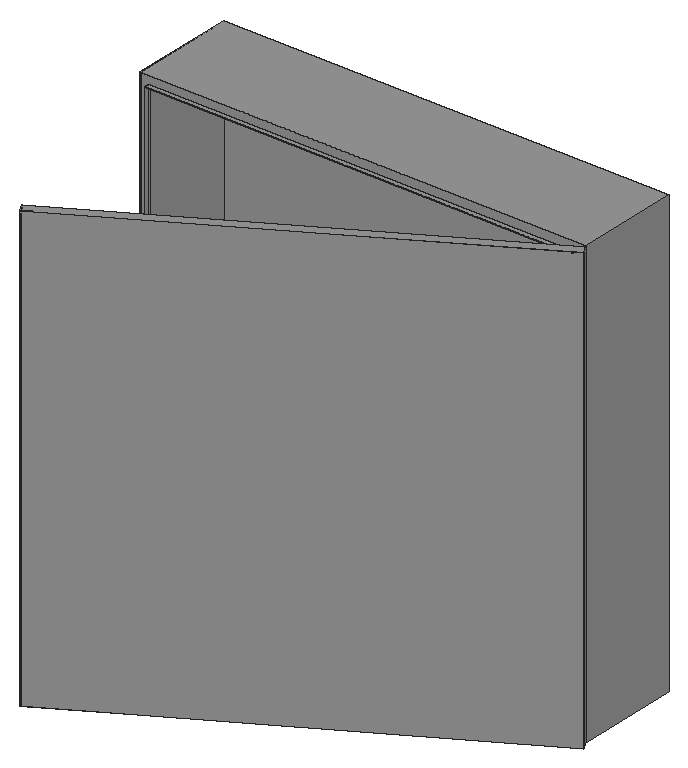
Revit family "Hager-Univers-IP54-D205-H800-Cl.II-Encl-NoHosted-CH-en", category Equipement électrique, Revit 2020
Family settings
  Configuration du panneau = Deux colonnes, circuits au sein
  Cote de connecteur circulaire = Utiliser le diamètre
  Type d'élément = Tableau de raccordement
  Basée sur le plan de construction = Oui
  Toujours verticalement = Oui
  Couper avec des vides une fois chargée = Non
  Partagée = Non
  Point de calcul de pièce = Non
Parameters (values of type "Surface mounted (plaster) IP54 W800 H800 D205  - FP53QSW")
  Width Control [instance] = if([EF000008 - Width] > Min Width, [EF000008 - Width], Min Width)  # 800 mm
  Commentaires du type = [HG000003 - Range]  # "Univers"
  Thickness Door [instance] = if([EF009171 - Material plate thickness door/cover] > 3 mm, 3 mm, [EF009171 - Material plate thickness door/cover])  # 1 mm
  Seal Frame Offset [instance] = 17 mm  # constant formula
  Plinth Visibility [instance] = [HG000027 - Plinth height] > 0 mm  # no
  Min Width [instance] = 100 mm  # constant formula
  Min Depth [instance] = (2 * [EF009170 - Material plate thickness cabinet]) + 1 mm  # 3 mm
  Min Height [instance] = 100 mm  # constant formula
  Internal Frame Depth [instance] = (Door System Depth * 0.5)  # 9 mm
  Panel Name [instance] = ""  # (empty or 0)
  Model = ""
  HG000027 - Plinth height = 0 mm
  HG000026 - Floor standing = no
  HG000024 - Bottom section height = 600 mm
  HG000023 - Double section enclosure = no
  HG000016 - Door 3d visibility [instance] = yes
  HG000015 - Clearance visibility [instance] = no
  HG000014 - Door on the right [instance] = yes
  HG000013 - Door on the left [instance] = not([HG000014 - Door on the right])  # no
  HG000012 - Door swing angle [instance] = 30.00°
  HG000010 - Asymmetric doors = no
  HG000009 - Double swing door = no
  HG000006 - Flush mounted = no
  HG000004 - Manufacturer reference = "FP53QSW"
  HG000003 - Range = "Univers"
  HG000002 - With door or cover = yes
  Frame Offset Bottom [instance] = 10 mm  # constant formula
  Frame Offset [instance] = 15 mm  # constant formula
  EF015940 - Cover with overpressure release = no
  EF011959 - Degree of protection (NEMA) = ""
  EF009554 - Number of openings for flange plates = 6
  EF009212 - Cover model = "EV000116 - Closed"
  EF009171 - Material plate thickness door/cover = 1 mm
  EF009170 - Material plate thickness cabinet = 1 mm
  EF008873 - Nominal current (In) = 250 A
  EF007800 - Suitable for lightning protection = no
  EF006306 - With lock = no
  EF006244 - Transparent cover/door = no
  EF005474 - Degree of protection (IP) = "EV006419 - IP54"
  EF004464 - Type of door = "EV002646 - Single"
  EF004427 - Number of modules = 180
  EF004293 - Impact strength = "EV006815 - IK09"
  EF003532 - Suitable for outdoor use = no
  EF002950 - Width in number of modular spacings = 36
  EF001613 - Circuit integrity = "EV000494 - None"
  EF001596 - Material housing = "EV000179 - Steel"
  EF001131 - Internal depth = 143 mm
  EF001088 - Extension possible = yes
  EF000437 - Number of conduit inlets = 6
  EF000339 - Type of cover = "EV001012 - Cover"
  EF000266 - Number of rows = 5
  EF000218 - Built-in depth = 0 mm
  EF000118 - With mounting plate = no
  EF000116 - RAL-number = "9010"
  EF000049 - Depth = 205 mm
  EF000040 - Height = 800 mm
  EF000008 - Width = 800 mm
  EF000007 - Colour = "EV000202 - White"
  EF000003 - Mounting method = "EV000384 - Surface mounted (plaster)"
  Door System Leaf Tolerance [instance] = 1.5 mm  # constant formula
  Door System Depth [instance] = 18 mm  # constant formula
  Door Height [instance] = Height Control - [HG000027 - Plinth height]  # 800 mm
  Description = ""
  Default Elevation = 1219.2 mm
  Connector Offset [instance] = Height Control / 2  # 400 mm
  Fabricant = "Hager"  # constant formula
  Height Control [instance] = if([EF000040 - Height] > Min Height, [EF000040 - Height], Min Height)  # 800 mm
  Depth Control [instance] = if([EF000049 - Depth] > Min Depth, [EF000049 - Depth], Min Depth)  # 205 mm
  Bottom Top Plate Trim [instance] = 1.5 mm  # constant formula
  Plinth height Ctrl [instance] = if([HG000027 - Plinth height] > 0 mm, [HG000027 - Plinth height], 12 mm)  # 12 mm
Types (4, lengths in mm): name | Width Control | HG000004 - Manufacturer reference | EF009554 - Number of openings for flange plates | EF004464 - Type of door | EF004427 - Number of modules | EF002950 - Width in number of modular spacings | EF001131 - Internal depth | EF000437 - Number of conduit inlets | EF000339 - Type of cover | EF000008 - Width
  Surface mounted (plaster) IP54 W1050 H800 D205  - FP54QSW | 1050 | "FP54QSW" | 8 | "EV003602 - Double" | 240 | 48 | 130 | 8 | "EV004216 - Door" | 1050
  Surface mounted (plaster) IP54 W300 H800 D205  - FP51QSW | 300 | "FP51QSW" | 2 | "EV002646 - Single" | 60 | 12 | 130 | 2 | "EV001012 - Cover" | 300
  Surface mounted (plaster) IP54 W550 H800 D205  - FP52QSW | 550 | "FP52QSW" | 4 | "EV002646 - Single" | 120 | 24 | 143 | 4 | "EV001012 - Cover" | 550
  Surface mounted (plaster) IP54 W800 H800 D205  - FP53QSW | 800 | "FP53QSW" | 6 | "EV002646 - Single" | 180 | 36 | 143 | 6 | "EV001012 - Cover" | 800
Reference planes
  plane 1 "Center (Front/Back)": y = 0
  plane 2: z = 0
  plane 3 "Center (Left/Right)": x = 0
  plane 4: y = 0
  plane 5: y = 0
  plane 6: z = 0
  plane 7: x = -400
  plane 8: x = 400
  plane 9: x = 399
  plane 10: x = -399
  plane 11: z = 0
  plane 12: z = 1
  plane 13: y = -205
  plane 14: y = -1
  plane 15: x = 0
  plane 16: y = -187
  plane 17: y = -204
  plane 18: y = -186
  plane 19: x = -384
  plane 20: x = 384
  plane 21: z = 11
  plane 22: x = -383
  plane 23: x = 383
  plane 24: z = 0
  plane 25: z = 800
  plane 26: z = 800
  plane 27: z = 784
  plane 28: z = 799
Forms (mm)
  Extrusion 1, solid, material "Hager_Steel_RAL7035_Light_Grey", detail levels medium+fine
    sketch origin (-208.679, -4572, 0) x (-1, 0, 0) y (0, -1, 0)
      loop
        line (191.321, -4385) -> (-608.679, -4385) -> (-608.679, -4572) -> (191.321, -4572) -> (191.321, -4385)
    from 0 to 800
  Extrusion 2, void
    sketch origin (-350.771, -205, 1219.2) x (1, 0, 0) y (0, 0, 1)
      loop
        line (-48.229, -420.2) -> (-48.229, -1218.2) -> (749.771, -1218.2) -> (749.771, -420.2) -> (-48.229, -420.2)
    from -19 to -204
  Extrusion 3, void
    sketch origin (-290.084, -187, 1219.2) x (1, 0, 0) y (0, 0, 1)
      loop
        line (-93.916, -1208.2) -> (674.084, -1208.2) -> (674.084, -435.2) -> (-93.916, -435.2) -> (-93.916, -1208.2)
    from 0 to -1
  Extrusion 4, solid, material "Hager_Steel_RAL7035_Light_Grey", visible <- "Plinth Visibility", detail levels medium+fine
    sketch origin (0, 0, 0) x (1, 0, 0) y (0, 1, 0)
      loop
        line (-400, 0) -> (-400, -187) -> (400, -187) -> (400, 0) -> (-400, 0)
    from 0 to 12 <- "Plinth height Ctrl"
  Extrusion 5, solid, material "Hager_Steel_RAL7035_Light_Grey", detail levels coarse
    sketch origin (0, 0, 0) x (1, 0, 0) y (0, 1, 0)
      loop
        line (-400, 0) -> (-400, -205) -> (400, -205) -> (400, 0) -> (-400, 0)
    from 0 to 800 <- "Height Control"
  Sweep 6, void
    path in 3D
      loop
        line (-400, -187, 12) -> (400, -187, 12) -> (400, 0, 12) -> (-400, 0, 12) -> (-400, -187, 12)
    profile origin (-400, -93.5, 12) x (1, 0, 0) y (0, 0, 1)
      loop
        line (0, 0) -> (0, -1.5) -> (1.5, -1.5)
        arc (1.5, -1.5) -> (1.061, -0.439) -> (0, 0) r 1.5
  Extrusion 7, solid, material "Hager_Steel_RAL7035_Light_Grey", detail levels fine
    sketch origin (-400, -187, 0) x (1, 0, 0) y (0, 0, 1)
      loop
        line (16, 11) -> (784, 11) -> (784, 784) -> (16, 784) -> (16, 11)
      loop
        line (15, 10) -> (785, 10) -> (785, 785) -> (15, 785) -> (15, 10)
    from 0 to 9 <- "Internal Frame Depth"
Cuts and joins
  Extrusion 2, Extrusion 3 cuts Extrusion 1
  Sweep 6 cuts Extrusion 4
Lines and regions (mm)
  Masking region 1
    outline origin (0, 0, 0) x (1, 0, 0) y (0, 1, 0)
      loop
        line (-400, 0) -> (-400, -205) -> (400, -205) -> (400, 0) -> (-400, 0)
  Masking region 2, detail levels coarse
    outline origin (-290.084, -187, 1219.2) x (-1, 0, 0) y (0, 0, 1)
      loop
        line (-690.084, -1219.2) -> (109.916, -1219.2) -> (109.916, -419.2) -> (-690.084, -419.2) -> (-690.084, -1219.2)
  Masking region 3, detail levels coarse
    outline origin (0, 0, 0) x (0, 1, 0) y (0, 0, 1)
      loop
        line (0, 0) -> (0, 800) -> (-205, 800) -> (-205, 0) -> (0, 0)
  Masking region 4, visible <- "Plinth Visibility", detail levels medium+fine
    outline origin (0, 0, 0) x (0, 1, 0) y (0, 0, 1)
      loop
        line (-1.5, 12) -> (-185.5, 12)
        arc (-185.5, 12) -> (-185.939, 10.939) -> (-187, 10.5) r 1.5
        line (-187, 10.5) -> (-187, 0) -> (0, 0) -> (0, 10.5)
        arc (0, 10.5) -> (-1.061, 10.939) -> (-1.5, 12) r 1.5
  Masking region 5, detail levels medium+fine
    outline origin (0, 0, 594.038) x (0, 1, 0) y (0, 0, 1)
      loop
        line (0, -594.038) -> (0, 205.962) -> (-187, 205.962) -> (-187, -594.038) -> (0, -594.038)
  Masking region 6, detail levels medium+fine
    outline origin (-359.7, -187, 1211.883) x (-1, 0, 0) y (0, 0, 1)
      loop
        line (-759.7, -1211.883) -> (40.3, -1211.883) -> (40.3, -411.883) -> (-759.7, -411.883) -> (-759.7, -1211.883)
  Masking region 7, visible <- "Plinth Visibility", detail levels medium+fine
    outline origin (-320.334, -187, 1041.368) x (-1, 0, 0) y (0, 0, 1)
      loop
        line (-720.334, -1041.368) -> (79.666, -1041.368) -> (79.666, -1030.868)
        arc (79.666, -1030.868) -> (78.606, -1030.429) -> (78.166, -1029.368) r 1.5
        line (78.166, -1029.368) -> (-718.834, -1029.368)
        arc (-718.834, -1029.368) -> (-719.273, -1030.429) -> (-720.334, -1030.868) r 1.5
        line (-720.334, -1030.868) -> (-720.334, -1041.368)
  sketch lines
    curve 1: line (-400, 0, 12) -> (-400, -187, 12)
    curve 2: line (-400, -187, 12) -> (400, -187, 12)
    curve 3: line (400, 0, 12) -> (-400, 0, 12)
    curve 4: line (400, -187, 12) -> (400, 0, 12)
Dimensions and locks
  locked: plane 1 "Center (Front/Back)" to plane 5
  "EF009170 - Material plate thickness cabinet": plane 7 to plane 10
  "EF009170 - Material plate thickness cabinet": plane 8 to plane 9
  equal spacing: plane 7, plane 3 "Center (Left/Right)", plane 8
  "Width Control": plane 7 to plane 8
  "Depth Control": plane 4 to plane 13
  "EF009170 - Material plate thickness cabinet": plane 4 to plane 14
  "Height Control": plane 25 to level
  "HG000027 - Plinth height": plane 11 to level
  "EF009170 - Material plate thickness cabinet": plane 12 to plane 11
  "EF009170 - Material plate thickness cabinet": plane 17 to plane 13
  "EF009170 - Material plate thickness cabinet": plane 18 to plane 16
  "Frame Offset Bottom": plane 21 to plane 12
  "Frame Offset": plane 10 to plane 19
  "Frame Offset": plane 9 to plane 20
  "Door System Depth": plane 16 to plane 13
  "Seal Frame Offset": plane 7 to plane 22
  "Seal Frame Offset": plane 8 to plane 23
  "EF009170 - Material plate thickness cabinet": plane 26 to plane 28
  "Frame Offset": plane 28 to plane 27
  "Connector Offset": plane 2 to connector elem
  "Bottom Top Plate Trim": profile plane to Sweep 6 sketch curve
  "Bottom Top Plate Trim": Sweep 6 sketch curve to Sweep 6 sketch curve
  "Plinth height Ctrl": Masking region 4 sketch curve to level
  "Plinth height Ctrl": Masking region 7 sketch curve to level
  "Thickness Door": Extrusion 7 sketch curve to Extrusion 7 sketch curve  (x4)
  "Bottom Top Plate Trim": radius of Sweep 6 sketch curve
  "Bottom Top Plate Trim": radius of Masking region 4 sketch curve  (x2)
  "Bottom Top Plate Trim": radius of Masking region 7 sketch curve  (x2)
  aligned and locked: Extrusion 2 sketch curve to plane 12
  aligned and locked: Extrusion 2 sketch curve to plane 9
  aligned and locked: Extrusion 2 sketch curve to plane 10
  aligned and locked: Extrusion 2 to plane 14
  aligned and locked: Extrusion 1 sketch curve to plane 4
  aligned and locked: plane 8 to Extrusion 1 sketch curve
  aligned and locked: plane 7 to Extrusion 1 sketch curve
  aligned and locked: Extrusion 2 to plane 18
  aligned and locked: Extrusion 3 sketch curve to plane 19
  aligned and locked: plane 20 to Extrusion 3 sketch curve
  aligned and locked: Extrusion 3 to Extrusion 2
  aligned and locked: Extrusion 3 sketch curve to plane 21
  aligned and locked: plane 3 "Center (Left/Right)" to nested 1
  aligned and locked: Extrusion 1 sketch curve to plane 16
  aligned and locked: Extrusion 4 sketch curve to cut or joined group of Extrusion 1, Extrusion 2, Extrusion 3
  aligned and locked: Masking region 1 sketch curve to plane 7
  aligned and locked: Masking region 1 sketch curve to plane 5
  aligned and locked: Masking region 1 sketch curve to plane 8
  aligned and locked: Masking region 2 sketch curve to level
  aligned and locked: level to Masking region 3 sketch curve
  aligned and locked: plane 1 "Center (Front/Back)" to Masking region 3 sketch curve
  aligned and locked: plane 13 to Masking region 3 sketch curve
  aligned and locked: plane 5 to Masking region 4 sketch curve
  aligned and locked: Masking region 2 sketch curve to plane 8
  aligned and locked: Masking region 2 sketch curve to plane 7
  aligned and locked: plane 7 to nested 2
  aligned and locked: nested 2 to plane 5
  aligned and locked: plane 5 to Masking region 5 sketch curve
  aligned and locked: plane 26 to Masking region 5 sketch curve
  aligned and locked: Extrusion 5 sketch curve to plane 8
  aligned and locked: Extrusion 5 sketch curve to plane 7
  aligned and locked: Extrusion 5 sketch curve to plane 5
  aligned and locked: Extrusion 3 sketch curve to plane 27
  aligned and locked: Extrusion 2 sketch curve to plane 28
  aligned and locked: Masking region 2 to plane 25
  aligned and locked: Extrusion 4 to plane 16
  aligned and locked: profile plane to Sweep 6 sketch curve
  aligned and locked: Masking region 5 sketch curve to plane 24
  aligned and locked: level to Masking region 4 sketch curve
  aligned and locked: Masking region 1 to plane 13
  aligned and locked: nested 1 to plane 16
  aligned and locked: Masking region 3 to plane 25
  aligned and locked: plane 16 to Masking region 4 sketch curve
  aligned and locked: Masking region 5 sketch curve to plane 16
  aligned and locked: plane 24 to plane 11
  aligned and locked: plane 26 to plane 25
  aligned and locked: plane 26 to cut or joined group of Extrusion 1, Extrusion 2, Extrusion 3
  aligned and locked: nested 1 to plane 24
  aligned and locked: Extrusion 1 to Extrusion 3
  aligned and locked: Masking region 6 sketch curve to plane 8
  aligned and locked: Masking region 6 sketch curve to plane 24
  aligned and locked: Masking region 6 sketch curve to plane 7
  aligned and locked: Masking region 6 sketch curve to plane 26
  aligned and locked: Masking region 7 sketch curve to plane 7
  aligned and locked: level to Masking region 7 sketch curve
  aligned and locked: Masking region 7 sketch curve to plane 8
  aligned and locked: Extrusion 7 sketch curve to cut or joined group of Extrusion 1, Extrusion 2, Extrusion 3  (x4)
Automatic sketch dimensions
  plane 19 to Extrusion 3 sketch curve = 0 mm
  Extrusion 3 sketch curve to plane 20 = 0 mm
  Extrusion 3 sketch curve to plane 21 = 0 mm
  Extrusion 4 sketch curve to plane 7 = 0 mm
  Extrusion 4 sketch curve to plane 8 = 0 mm
  Extrusion 4 sketch curve to plane 16 = 0 mm
  Masking region 1 sketch curve to plane 13 = 0 mm
  Masking region 2 sketch curve to plane 25 = 0 mm
  Masking region 3 sketch curve to plane 25 = 0 mm
  Extrusion 5 sketch curve to plane 13 = 0 mm
  profile plane to Sweep 6 sketch curve = 0 mm
Nested families
  nested 1: "EC000058_Univers_Door" at (0, -187, 0), Double <- "HG000009 - Double swing door", Transparent <- "EF006244 - Transparent cover/door", Angle <- "HG000012 - Door swing angle", Door_Right <- "HG000014 - Door on the right", Assymetrical <- "HG000010 - Asymmetric doors", Door <- "HG000002 - With door or cover", Width_Ctrl <- "Width Control", 3d_Door <- "HG000016 - Door 3d visibility", Clearance <- "HG000015 - Clearance visibility", Door_Left <- "HG000013 - Door on the left", Width <- "Width Control", Door_Depth <- "Door System Depth", Leaf_Tolerance <- "Door System Leaf Tolerance", Height <- "Door Height", Lock_Visibility <- "EF006306 - With lock", Thickness <- "Thickness Door", type "EC000058_Univers_Door", detail levels medium+fine
    with min_wh 3 mm, Width_Ctrl 800 mm, Width 800 mm, Transparent no, Thickness 1 mm, Seal_Material Hager_Rubber, Lock_Visibility no, Lock_Material Hager_Plastic_RAL9005_Jet_Black, Leaf_Width 800 mm, Leaf_Tolerance_External_Sides 0 mm, Leaf_Tolerance 1.5 mm, Leaf_Offset 0 mm, Leaf_Height 797 mm, Leaf_2_Width 800 mm, Leaf_2_Offset 400 mm, Leaf_1_Width 800 mm, Leaf_1_Offset 400 mm, Height_Ctrl 800 mm, Height 800 mm, Glass_Material Hager_Glass, Double_Clearance_Ctrl no, Double no, Door_Right_Ctrl yes, Door_Right yes, Door_Material Hager_Steel_RAL7035_Light_Grey, Door_Left_Ctrl no, Door_Left no, Door_Depth 18 mm, Door yes, Clearance_Material Hager_Clearance, Clearance_Depth 800 mm, Clearance_Ctrl no, Clearance no, Assymetrical no, Angle 30.00°, 3d_Door yes
  nested 2: "Hager_Enclosure_Symbol" at (-400, 0, 0), Height <- "Depth Control", Width <- "Width Control", type "Hager_Enclosure_Symbol"
    with Width_Ctrl 800 mm, Width 800 mm, Height_Ctrl 205 mm, Height 205 mm, A_Width_Int 13.453 mm, A_Width 161.438 mm, A_Height_Ctrl 179.375 mm, A_Height 179.375 mm
Connectors
  electrical at (0, 0, 400)
    settings: on plane 1 "Center (Front/Back)", index 1, voltage 0 V, apparent load 0 VA, apparent load phase1 0 VA, apparent load phase2 0 VA, apparent load phase3 0 VA, power factor 1, load classification "Other", number of poles 1, system type 30, power factor state 1, is connector primary yes, connector utility no, sub classification motor no, connector description ""
Definition of nested family "EC000058_Univers_Door"
  Parameters (values of type "EC000058_Univers_Door")
    min_wh [instance] = (2 * Thickness) + 1 mm  # 11 mm
    Width_Ctrl [instance] = 400 mm
    Width [instance] = 500 mm
    Transparent [instance] = yes
    Thickness [instance] = 5 mm
    Seal_Material [instance] = none
    Lock_Visibility [instance] = yes
    Lock_Material [instance] = none
    Leaf_Width [instance] = if((Width_Ctrl - 2 * Leaf_Tolerance_External_Sides) > 0 mm, (Width_Ctrl - 2 * Leaf_Tolerance_External_Sides), min_wh)  # 400 mm
    Leaf_Tolerance_External_Sides [instance] = 0 mm  # constant formula
    Leaf_Tolerance [instance] = 1.5 mm
    Leaf_Offset [instance] = 0 mm  # constant formula
    Leaf_Height [instance] = if((Height_Ctrl - 2 * Leaf_Tolerance) > 0 mm, (Height_Ctrl - 2 * Leaf_Tolerance), min_wh)  # 497 mm
    Leaf_2_Width [instance] = if(and(and(Double, Assymetrical), Door_Left), (Leaf_Width / 3) - (Leaf_Tolerance / 2), if(and(and(Double, Assymetrical), Door_Right), (Leaf_Width / 3) * 2 - (Leaf_Tolerance / 2), if(and(Double, not(Assymetrical)), (Leaf_Width / 2) - Leaf_Tolerance, Leaf_Width)))  # 400 mm
    Leaf_2_Offset [instance] = if(and(Double, Assymetrical), Leaf_2_Width / 2, if(and(Double, not(Assymetrical)), Leaf_Width / 4, Leaf_Width / 2))  # 200 mm
    Leaf_1_Width [instance] = if(and(and(Double, Assymetrical), Door_Right), (Leaf_Width / 3) - (Leaf_Tolerance / 2), if(and(and(Double, Assymetrical), Door_Left), (Width / 3) * 2 - (Leaf_Tolerance / 2), if(and(Double, not(Assymetrical)), (Leaf_Width / 2) - Leaf_Tolerance, Leaf_Width)))  # 400 mm
    Leaf_1_Offset [instance] = if(and(Double, Assymetrical), Leaf_1_Width / 2, if(and(Double, not(Assymetrical)), Leaf_Width / 4, Leaf_Width / 2))  # 200 mm
    Height_Ctrl [instance] = if(Height > min_wh, Height, min_wh)  # 500 mm
    Height [instance] = 500 mm
    Glass_Material [instance] = none
    Double_Clearance_Ctrl [instance] = and(Double, Clearance)  # no
    Double [instance] = no
    Door_Right_Ctrl [instance] = and(or(Door_Right, Double), Door)  # yes
    Door_Right [instance] = yes
    Door_Material [instance] = none
    Door_Left_Ctrl [instance] = and(or(Door_Left, Double), Door)  # no
    Door_Left [instance] = no
    Door_Depth [instance] = 30 mm
    Door [instance] = yes
    Default Elevation = 1219.2 mm
    Clearance_Material [instance] = none
    Clearance_Depth [instance] = if(Leaf_1_Width > Leaf_2_Width, Leaf_1_Width, Leaf_2_Width)  # 400 mm
    Clearance_Ctrl [instance] = and(not(Double), Clearance)  # yes
    Clearance [instance] = yes
    Assymetrical [instance] = yes
    Angle [instance] = 30.00°
    3d_Door [instance] = yes
  Reference planes
    plane 1 "Center (Front/Back)": y = 0
    plane 2 "Bottom": z = 0
    plane 3 "Center (Left/Right)": x = 0
    plane 4: z = 500
    plane 5: x = -200
    plane 6: x = 200
    plane 7: z = 500
    plane 8: x = -200
    plane 9: z = 0
    plane 10: x = 200
    plane 11: y = 0
    plane 12: z = 1.5
    plane 13: x = -600
    plane 14: y = -400
    plane 15: x = 600
    plane 16: x = 0
    plane 17: x = 0
    plane 18: x = -200
    plane 19: x = 200
    plane 20: z = 498.5
  Forms (mm)
    Extrusion 1, solid, material <- "Clearance_Material", visible <- "Double_Clearance_Ctrl"
      sketch origin (1200, 0, 0) x (1, 0, 0) y (0, 0, -1)
        loop
          line (-1800, -498.5) -> (-600, -498.5) -> (-600, 0) -> (-1800, 0) -> (-1800, -498.5)
      from 0 to -400
  Dimensions and locks
    equal spacing: plane 5, plane 3 "Center (Left/Right)", plane 6
    "Width_Ctrl": plane 5 to plane 6
    "Leaf_Offset": plane 5 to plane 8
    "Leaf_Offset": plane 6 to plane 10
    "Leaf_Offset": plane 9 to level
    "Leaf_Offset": plane 4 to plane 7
    "Height_Ctrl": plane 4 to level
    "Leaf_Tolerance": plane 12 to plane 9
    locked: plane 11 to plane 1 "Center (Front/Back)"
    "Leaf_1_Offset": plane 18 to plane 16
    "Leaf_2_Offset": plane 17 to plane 19
    "Leaf_1_Width": plane 13 to plane 8
    "Leaf_2_Width": plane 10 to plane 15
    "Clearance_Depth": plane 14 to plane 1 "Center (Front/Back)"
    "Leaf_Tolerance_External_Sides": plane 8 to plane 18
    "Leaf_Tolerance_External_Sides": plane 19 to plane 10
    "Leaf_Tolerance": plane 7 to plane 20
    aligned and locked: level to plane 2 "Bottom"
    aligned and locked: nested 1 to plane 16
    aligned and locked: nested 2 to plane 17
    aligned and locked: Extrusion 1 to plane 13
    aligned and locked: plane 15 to Extrusion 1
    aligned and locked: Extrusion 1 to plane 14
    aligned and locked: plane 12 to nested 1
    aligned and locked: nested 2 to plane 12
    aligned and locked: Extrusion 1 to plane 11
    aligned and locked: plane 20 to Extrusion 1
    aligned and locked: nested 2 to plane 11
    aligned and locked: nested 1 to plane 11
  Automatic sketch dimensions
    Extrusion 1 sketch curve to level = 0 mm
    plane 5 to Extrusion 1 sketch curve = 400 mm
    plane 6 to Extrusion 1 sketch curve = 400 mm
    Extrusion 1 sketch curve to plane 4 = 1.5 mm
  Nested families
    nested 1: "EC000058_Univers_Door_Leaf" at (0, 0, 1.5), Width <- "Leaf_1_Width", visible <- "Door_Left_Ctrl", Leaf_Height <- "Leaf_Height", Angle <- "Angle", 3d_Door <- "3d_Door", Transparent <- "Transparent", Clearance Material <- "Clearance_Material", Clearance <- "Clearance_Ctrl", Door_Material <- "Door_Material", Glass_Material <- "Glass_Material", Door_Depth <- "Door_Depth", Lock_Material <- "Lock_Material", Seal_Material <- "Seal_Material", Lock_Visibility <- "Lock_Visibility", Thickness <- "Thickness", type "EC000058_Univers_Door_Leaf"
      with Width 400 mm, Transparent_Glass_Offset 30 mm, Transparent_Ctrl yes, Transparent yes, Thickness 5 mm, Standard no, Seal_Material none, Seal_D2 8 mm, Seal_D1 1 mm, Offset_Internal_Frame 10 mm, Lock_Width 20 mm, Lock_Visibility_3d yes, Lock_Visibility yes, Lock_Thickness_3 3 mm, Lock_Thickness_2 1 mm, Lock_Thickness_1 3 mm, Lock_Radius_Offset_2 16 mm, Lock_Radius_Offset_1 15 mm, Lock_Radius_2 5 mm, Lock_Radius 6 mm, Lock_Offset 5 mm, Lock_Material none, Lock_Height 80 mm, Lock_Cover_Top_Offset_2d 17 mm, Lock_Cover_Height -65 mm, Leaf_Height 497 mm, Internal_Seal_Thickness 8 mm, Internal_Seal_Depth_2 4.5 mm, Internal_Frame_Depth 25 mm, Glass_Thickness -1 mm, Glass_Offset -2 mm, Glass_Material none, Door_Material none, Door_Depth 30 mm, Clearance Material none, Clearance yes, Angle_Ctrl 30.00°, Angle 30.00°, 3d_Door yes
    nested 2: "EC000058_Univers_Door_Leaf" at (0, 0, 1.5) x (-1, 0, 0) z (0, 0, 1), Width <- "Leaf_2_Width", visible <- "Door_Right_Ctrl", Leaf_Height <- "Leaf_Height", Angle <- "Angle", 3d_Door <- "3d_Door", Transparent <- "Transparent", Clearance Material <- "Clearance_Material", Clearance <- "Clearance_Ctrl", Door_Material <- "Door_Material", Glass_Material <- "Glass_Material", Door_Depth <- "Door_Depth", Lock_Material <- "Lock_Material", Seal_Material <- "Seal_Material", Lock_Visibility <- "Lock_Visibility", Thickness <- "Thickness", type "EC000058_Univers_Door_Leaf"
      with Width 400 mm, Transparent_Glass_Offset 30 mm, Transparent_Ctrl yes, Transparent yes, Thickness 5 mm, Standard no, Seal_Material none, Seal_D2 8 mm, Seal_D1 1 mm, Offset_Internal_Frame 10 mm, Lock_Width 20 mm, Lock_Visibility_3d yes, Lock_Visibility yes, Lock_Thickness_3 3 mm, Lock_Thickness_2 1 mm, Lock_Thickness_1 3 mm, Lock_Radius_Offset_2 16 mm, Lock_Radius_Offset_1 15 mm, Lock_Radius_2 5 mm, Lock_Radius 6 mm, Lock_Offset 5 mm, Lock_Material none, Lock_Height 80 mm, Lock_Cover_Top_Offset_2d 17 mm, Lock_Cover_Height -65 mm, Leaf_Height 497 mm, Internal_Seal_Thickness 8 mm, Internal_Seal_Depth_2 4.5 mm, Internal_Frame_Depth 25 mm, Glass_Thickness -1 mm, Glass_Offset -2 mm, Glass_Material none, Door_Material none, Door_Depth 30 mm, Clearance Material none, Clearance yes, Angle_Ctrl 30.00°, Angle 30.00°, 3d_Door yes
  Definition of nested family "EC000058_Univers_Door_Leaf"
    Parameters (values of type "EC000058_Univers_Door_Leaf")
      Width [instance] = 2000 mm
      Transparent_Glass_Offset [instance] = 30 mm
      Transparent_Ctrl [instance] = and(Transparent, [3d_Door])  # yes
      Transparent [instance] = yes
      Thickness [instance] = 5 mm
      Standard [instance] = and(not(Transparent), [3d_Door])  # no
      Seal_Material [instance] = none
      Seal_D2 [instance] = 8 mm  # constant formula
      Seal_D1 [instance] = 1 mm  # constant formula
      Offset_Internal_Frame [instance] = 10 mm  # constant formula
      Lock_Width [instance] = 20 mm  # constant formula
      Lock_Visibility_3d [instance] = and(Lock_Visibility, [3d_Door])  # yes
      Lock_Visibility [instance] = yes
      Lock_Thickness_3 [instance] = 3 mm  # constant formula
      Lock_Thickness_2 [instance] = 1 mm  # constant formula
      Lock_Thickness_1 [instance] = 3 mm  # constant formula
      Lock_Radius_Offset_2 [instance] = Lock_Radius_Offset_1 + 1 mm  # 16 mm
      Lock_Radius_Offset_1 [instance] = 15 mm  # constant formula
      Lock_Radius_2 [instance] = Lock_Radius - 1 mm  # 5 mm
      Lock_Radius [instance] = 6 mm  # constant formula
      Lock_Offset [instance] = 5 mm  # constant formula
      Lock_Material [instance] = none
      Lock_Height [instance] = 80 mm  # constant formula
      Lock_Cover_Top_Offset_2d [instance] = Lock_Radius_Offset_2 + 1 mm  # 17 mm
      Lock_Cover_Height [instance] = -(Lock_Height - Lock_Radius_Offset_1)  # -65 mm
      Leaf_Height [instance] = 2720.336 mm
      Internal_Seal_Thickness [instance] = 8 mm  # constant formula
      Internal_Seal_Depth_2 [instance] = 4.5 mm  # constant formula
      Internal_Frame_Depth [instance] = if(Door_Depth - Thickness > 5 mm, Door_Depth - Thickness, 5 mm)  # 25 mm
      Glass_Thickness [instance] = if(Thickness > 15 mm, Glass_Offset + 10 mm, -1 mm)  # -1 mm
      Glass_Offset [instance] = if(Thickness > 15 mm, -(Thickness + 10 mm) / 2, -2 mm)  # -2 mm
      Glass_Material [instance] = none
      Door_Material [instance] = none
      Door_Depth [instance] = 30 mm
      Default Elevation = 0 mm
      Clearance Material [instance] = none
      Clearance [instance] = yes
      Angle_Ctrl [instance] = if(Angle > 180.00°, 180.00°, Angle)  # 90.00°
      Angle [instance] = 90.00°
      3d_Door [instance] = yes
    Reference planes
      plane 1 "Center (Front/Back)": y = 0
      plane 2: z = 0
      plane 3 "Center (Left/Right)": x = 0
      plane 4: y = 2000
      plane 5: x = -1000
      plane 6: x = 1000
      plane 7: x = -3000
      plane 8: z = 2720.336
      plane 9: z = 30
      plane 10: z = 2690.336
      plane 11: x = 970
      plane 12: x = -970
      plane 13: y = -3
      plane 14: z = 107.833
      plane 15: y = -5
      plane 16: y = -223.314
      plane 17: x = -1000
      plane 18: z = 1360.168
      plane 19: y = 30
    Forms (mm)
      Extrusion 1, solid, material <- "Clearance Material", visible <- "Clearance"
        sketch origin (0, 0, 0) x (1, 0, 0) y (0, 0, 1)
          loop
            line (-3000, 2720.336) -> (-3000, 0) -> (1000, 0) -> (1000, 2720.336) -> (-3000, 2720.336)
        from 0 to -2000
      Extrusion 2, solid, material <- "Door_Material", visible <- "Standard", detail levels medium+fine
        sketch origin (-1000, 0, 0) x (0, 1, 0) y (-1, 0, 0)
          loop
            line (0, 30) -> (0, 25) -> (2000, 25) -> (2000, 30) -> (0, 30)
        from 0 to 2720.336 <- "Leaf_Height"
      Extrusion 3, solid, material <- "Door_Material", visible <- "Transparent_Ctrl", detail levels medium+fine
        sketch origin (-1000, 0, 0) x (0, 1, 0) y (-1, 0, 0)
          loop
            line (0, 25) -> (2000, 25) -> (2000, 30) -> (0, 30) -> (0, 25)
        from 0 to 2720.336 <- "Leaf_Height"
      Extrusion 4, void
        sketch origin (-1025, 2000, 0) x (0, 1, 0) y (0, 0, -1)
          loop
            line (-30, -2690.336) -> (-30, -30) -> (-1970, -30) -> (-1970, -2690.336) -> (-30, -2690.336)
        from 0 to 5 <- "Thickness"
      Sweep 5, solid, material <- "Seal_Material", visible <- "Transparent_Ctrl", detail levels fine
        path in 3D
          loop
            line (-1025, 30, 30) -> (-1025, 30, 2690.336) -> (-1025, 1970, 2690.336) -> (-1025, 1970, 30) -> (-1025, 30, 30)
        profile origin (-1025, 1000, 30) x (1, 0, 0) y (0, 0, 1)
          loop
            line (0, 0) -> (0, -8) -> (1, -8) -> (1, 0) -> (0, 0)
      Extrusion 6, solid, material <- "Glass_Material", visible <- "Transparent_Ctrl", detail levels medium+fine
        sketch origin (-1030, 0, 0) x (0, 1, 0) y (0, 0, -1)
          loop
            line (1970, -2690.336) -> (1970, -30) -> (30, -30) -> (30, -2690.336) -> (1970, -2690.336)
        from -2 <- "Glass_Offset" to -1 <- "Glass_Thickness"
      Extrusion 7, solid, material <- "Door_Material", visible <- "3d_Door", detail levels medium+fine
        sketch origin (-1025, 2000, 0) x (0, -1, 0) y (0, 0, -1)
          loop
            line (0, -2720.336) -> (2000, -2720.336) -> (2000, 0) -> (0, 0) -> (0, -2720.336)
          loop
            line (1995, -5) -> (5, -5) -> (5, -2715.336) -> (1995, -2715.336) -> (1995, -5)
        from 0 to 25 <- "Internal_Frame_Depth"
      Sweep 8, solid, material <- "Seal_Material", visible <- "Transparent_Ctrl", detail levels fine
        path in 3D
          loop
            line (-1025, 0, 0) -> (-1025, 2000, 0) -> (-1025, 2000, 2720.336) -> (-1025, 0, 2720.336) -> (-1025, 0, 0)
        profile origin (-1025, 0, 1360.168) x (1, 0, 0) y (0, 1, 0)
          loop
            line (0, 10) -> (2.975, 10)
            arc (2.975, 10) -> (4.053, 10.447) -> (4.5, 11.525) r 1.525
            line (4.5, 11.525) -> (4.5, 16.527)
            arc (4.5, 16.527) -> (4.069, 17.569) -> (3.027, 18) r 1.473
            line (3.027, 18) -> (0, 18) -> (0, 10)
      Extrusion 9, solid, material <- "Lock_Material", visible <- "Lock_Visibility_3d", detail levels fine
        sketch origin (-1030, 0, 0) x (0, 1, 0) y (0, 0, -1)
          loop
            arc (1993.5, -1400.168) -> (1994.561, -1399.729) -> (1995, -1398.668) r 1.5
            line (1995, -1398.668) -> (1995, -1320.168) -> (1975, -1320.168) -> (1975, -1398.668)
            arc (1975, -1398.668) -> (1975.439, -1399.729) -> (1976.5, -1400.168) r 1.5
            line (1976.5, -1400.168) -> (1993.5, -1400.168)
        from 3 <- "Lock_Thickness_1" to 0
      Blend 10, solid, material <- "Lock_Material", visible <- "Lock_Visibility_3d", detail levels fine
        base sketch origin (-1033, 0, 0) x (0, 1, 0) y (0, 0, -1)
          loop
            line (1975, -1320.168) -> (1975, -1398.668)
            arc (1975, -1398.668) -> (1975.439, -1399.729) -> (1976.5, -1400.168) r 1.5
            line (1976.5, -1400.168) -> (1993.5, -1400.168)
            arc (1993.5, -1400.168) -> (1994.561, -1399.729) -> (1995, -1398.668) r 1.5
            line (1995, -1398.668) -> (1995, -1320.168) -> (1975, -1320.168)
        top sketch origin (-1033, 0, 0) x (0, 1, 0) y (0, 0, -1)
          loop
            line (1976, -1320.168) -> (1976, -1398.668)
            arc (1976, -1398.668) -> (1976.146, -1399.022) -> (1976.5, -1399.168) r 0.5
            line (1976.5, -1399.168) -> (1993.5, -1399.168)
            arc (1993.5, -1399.168) -> (1993.854, -1399.022) -> (1994, -1398.668) r 0.5
            line (1994, -1398.668) -> (1994, -1320.168) -> (1976, -1320.168)
        from 0 to 1 <- "Lock_Thickness_2"
      Blend 11, solid, material <- "Lock_Material", visible <- "Lock_Visibility_3d", detail levels fine
        base sketch origin (-1034, 0, 0) x (0, 1, 0) y (0, 0, -1)
          loop
            line (1978, -1320.168) -> (1978, -1384.168)
            arc (1978, -1384.168) -> (1985, -1391.168) -> (1992, -1384.168) r 7
            line (1992, -1384.168) -> (1992, -1320.168) -> (1978, -1320.168)
        top sketch origin (-1034, 0, 0) x (0, 1, 0) y (0, 0, -1)
          loop
            line (1991, -1320.168) -> (1979, -1320.168) -> (1979, -1383.168)
            arc (1979, -1383.168) -> (1985, -1389.168) -> (1991, -1383.168) r 6
            line (1991, -1383.168) -> (1991, -1320.168)
        from 0 to 3 <- "Lock_Thickness_3"
      Extrusion 12, solid, material <- "Lock_Material", visible <- "Lock_Visibility_3d", detail levels fine
        sketch origin (-1030, 1975, 1320.168) x (1, 0, 0) y (0, -1, 0)
          loop
            line (-7, -19) -> (-7, -1) -> (0, -1) -> (0, 0) -> (-8, 0) -> (-8, -20) -> (0, -20) -> (0, -19) -> (-7, -19)
        from 0 to -65 <- "Lock_Cover_Height"
      Extrusion 13, void
        sketch origin (-1038, 1995, 1320.168) x (-1, 0, 0) y (0, 0, -1)
          loop
            line (-5, -65) -> (0, -65) -> (-5, -60) -> (-5, -65)
        from 0 to 20 <- "Lock_Width"
      Extrusion 14, void
        sketch origin (-1038, 1975, 1320.168) x (0, -1, 0) y (0, 0, -1)
          loop
            circle (-10, -15.995) r 6
          loop
            circle (-10, -15.995) r 5
        from 0 to 2
      Extrusion 15, solid, material <- "Lock_Material", visible <- "Lock_Visibility_3d", detail levels medium
        sketch origin (-1030, 0, 0) x (0, 1, 0) y (0, 0, -1)
          loop
            arc (1993.5, -1400.168) -> (1994.561, -1399.729) -> (1995, -1398.668) r 1.5
            line (1995, -1398.668) -> (1995, -1320.168) -> (1975, -1320.168) -> (1975, -1398.668)
            arc (1975, -1398.668) -> (1975.439, -1399.729) -> (1976.5, -1400.168) r 1.5
            line (1976.5, -1400.168) -> (1993.5, -1400.168)
        from 8 to 0
    Cuts and joins
      Extrusion 4 cuts Extrusion 3
      Extrusion 13, Extrusion 14 cuts Extrusion 9
      Extrusion 14 cuts Blend 11
      Extrusion 13, Extrusion 14 cuts Extrusion 12
      joined: Extrusion 9, Blend 10, Blend 11, Extrusion 12
      Extrusion 14 cuts Extrusion 15
    Lines and regions (mm)
      Masking region 1, visible <- "Lock_Visibility", detail levels fine
        outline origin (0, 0, 0) x (0, 1, 0) y (0, 0, 1)
          loop
            line (30, 1320.168) -> (33, 1320.168) -> (33, 1400.168) -> (30, 1400.168) -> (30, 1320.168)
      Masking region 2, visible <- "Lock_Visibility", detail levels fine
        outline origin (0, 3.143, 0) x (0, 1, 0) y (0, 0, 1)
          loop
            line (29.857, 1354.168) -> (30.857, 1354.168) -> (30.857, 1366.168) -> (29.857, 1366.168) -> (29.857, 1354.168)
      Masking region 3, detail levels medium+fine
        outline origin (0, 0, 0) x (0, 1, 0) y (0, 0, 1)
          loop
            line (0, 0) -> (30, 0) -> (30, 2720.336) -> (0, 2720.336) -> (0, 0)
      Masking region 4, detail levels medium+fine
        outline origin (0, 0, 0) x (1, 0, 0) y (0, 0, 1)
          loop
            line (-1000, 2720.336) -> (-1000, 0) -> (1000, 0) -> (1000, 2720.336) -> (-1000, 2720.336)
      Masking region 5, visible <- "Lock_Visibility", detail levels fine
        outline origin (-47.116, 0, 0) x (1, 0, 0) y (0, 0, 1)
          loop
            arc (1024.616, 1399.168) -> (1023.556, 1398.729) -> (1023.116, 1397.668) r 1.5
            line (1023.116, 1397.668) -> (1023.116, 1320.168) -> (1041.116, 1320.168) -> (1041.116, 1397.668)
            arc (1041.116, 1397.668) -> (1040.677, 1398.729) -> (1039.616, 1399.168) r 1.5
            line (1039.616, 1399.168) -> (1024.616, 1399.168)
      Masking region 6, visible <- "Lock_Visibility", detail levels medium+fine
        outline origin (-25, 0, 0) x (1, 0, 0) y (0, 0, 1)
          loop
            arc (1001.5, 1400.168) -> (1000.439, 1399.729) -> (1000, 1398.668) r 1.5
            line (1000, 1398.668) -> (1000, 1320.168) -> (1020, 1320.168) -> (1020, 1398.668)
            arc (1020, 1398.668) -> (1019.561, 1399.729) -> (1018.5, 1400.168) r 1.5
            line (1018.5, 1400.168) -> (1001.5, 1400.168)
      Masking region 7, visible <- "Lock_Visibility", detail levels fine
        outline origin (-73.735, 0, 0) x (1, 0, 0) y (0, 0, 1)
          loop
            line (1051.735, 1382.168) -> (1065.735, 1382.168) -> (1065.735, 1384.168)
            arc (1065.735, 1384.168) -> (1058.735, 1391.168) -> (1051.735, 1384.168) r 7
            line (1051.735, 1384.168) -> (1051.735, 1382.168)
      Masking region 8, visible <- "Lock_Visibility", detail levels fine
        outline origin (-73.735, 0, 0) x (1, 0, 0) y (0, 0, 1)
          loop
            line (1052.735, 1382.168) -> (1064.735, 1382.168) -> (1064.735, 1383.168)
            arc (1064.735, 1383.168) -> (1058.735, 1389.168) -> (1052.735, 1383.168) r 6
            line (1052.735, 1383.168) -> (1052.735, 1382.168)
      Masking region 9, visible <- "Lock_Visibility", detail levels fine
        outline origin (-25, 0, 0) x (1, 0, 0) y (0, 0, 1)
          loop
            line (1020, 1320.168) -> (1020, 1382.168) -> (1000, 1382.168) -> (1000, 1320.168) -> (1020, 1320.168)
      Masking region 10, detail levels medium+fine
        outline origin (0, 0, 0) x (1, 0, 0) y (0, 0, 1)
          loop
            circle (985, 1335.144) r 6
      Masking region 11, detail levels fine
        outline origin (0, 0, 0) x (1, 0, 0) y (0, 0, 1)
          loop
            circle (985, 1335.144) r 5
      Masking region 12, visible <- "Lock_Visibility", detail levels fine
        outline origin (0, 12.767, 0) x (0, 1, 0) y (0, 0, 1)
          loop
            line (20.233, 1320.168) -> (21.233, 1320.168) -> (21.233, 1399.168) -> (20.233, 1400.168) -> (20.233, 1320.168)
      Masking region 13, visible <- "Lock_Visibility", detail levels fine
        outline origin (0, 13.767, -10) x (0, 1, 0) y (0, 0, 1)
          loop
            line (20.233, 1330.168) -> (23.233, 1330.168) -> (23.233, 1399.168) -> (20.233, 1402.168) -> (20.233, 1330.168)
      Masking region 14, visible <- "Lock_Visibility", detail levels fine
        outline origin (0, 12.767, -10) x (0, 1, 0) y (0, 0, 1)
          loop
            line (20.233, 1330.168) -> (25.233, 1330.168) -> (25.233, 1399.305) -> (20.233, 1394.305) -> (20.233, 1330.168)
      Masking region 15, visible <- "Lock_Visibility", detail levels medium
        outline origin (0, 0, 0) x (0, 1, 0) y (0, 0, 1)
          loop
            line (30, 1320.168) -> (38, 1320.168) -> (38, 1400.168) -> (30, 1400.168) -> (30, 1320.168)
      Masking region 16, visible <- "Lock_Visibility", detail levels fine
        outline origin (-1000, 0, 0) x (0, 1, 0) y (-1, 0, 0)
          loop
            line (1975, 30) -> (1995, 30) -> (1995, 38) -> (1975, 38) -> (1975, 30)
          loop
            line (1979, 37) -> (1976, 37) -> (1976, 34) -> (1978, 34) -> (1979, 37)
          loop
            line (1994, 37) -> (1991, 37) -> (1992, 34) -> (1994, 34) -> (1994, 37)
      Masking region 17, visible <- "Lock_Visibility", detail levels medium
        outline origin (-1000, 0, 0) x (0, 1, 0) y (-1, 0, 0)
          loop
            line (1975, 30) -> (1995, 30) -> (1995, 38) -> (1975, 38) -> (1975, 30)
      symbolic lines
        curve 1: line (1000, 0, 0) -> (-3000, 0, 0)
        curve 2: arc (1000, 0, 0) -> (-1000, 2000, 0) -> (-3000, 0, 0) r 2000
        curve 4: line (-1030, 0, 0) -> (-1030, 2000, 0)
      reference lines
        curve 3: line (-1000, 0, 0) -> (-1000, 2000, 0)
      symbolic lines, detail levels medium+fine
        curve 5: line (-1030, 2000, 0) -> (-1025, 2000, 0)
        curve 7: line (-1025, 0, 0) -> (-1030, 0, 0)
        curve 8: line (-1025, 0, 0) -> (-1000, 0, 0)
        curve 9: line (-1000, 0, 0) -> (-1000, 2000, 0)
        curve 10: line (-1000, 2000, 0) -> (-1025, 2000, 0)
      symbolic lines, detail levels fine
        curve 6: line (-1025, 2000, 0) -> (-1025, 0, 0)
      sketch lines
        curve 11: line (-1025, 0, 2720.336) -> (-1025, 0, 0)
        curve 12: line (-1025, 2000, 0) -> (-1025, 0, 0)
        curve 13: line (-1025, 2000, 2720.336) -> (-1025, 2000, 0)
        curve 14: line (-1025, 0, 2720.336) -> (-1025, 2000, 2720.336)
        curve 15: line (-1025, 1970, 30) -> (-1025, 30, 30)
        curve 16: line (-1025, 30, 30) -> (-1025, 30, 2690.336)
        curve 17: line (-1025, 1970, 2690.336) -> (-1025, 1970, 30)
        curve 18: line (-1025, 30, 2690.336) -> (-1025, 1970, 2690.336)
      symbolic lines, visible <- "Transparent", detail levels medium+fine
        curve 19: line (-970, 0, 2690.336) -> (970, 0, 2690.336)
        curve 20: line (-970, 0, 30) -> (-970, 0, 2690.336)
        curve 21: line (970, 0, 30) -> (-970, 0, 30)
        curve 22: line (970, 0, 2690.336) -> (970, 0, 30)
    Dimensions and locks
      "Width": plane 1 "Center (Front/Back)" to plane 4
      equal spacing: plane 5, plane 3 "Center (Left/Right)", plane 6
      "Width": plane 5 to plane 6
      "Width": plane 7 to plane 5
      "Leaf_Height": plane 8 to level
      "Width": curve 5 to curve 3
      "Width": curve 3 to curve 3
      plane 8 to plane 10 = 30 mm
      plane 9 to level = 30 mm
      plane 12 to plane 5 = 30 mm
      plane 6 to plane 11 = 30 mm
      Extrusion 1 to Extrusion 4 sketch curve = 30 mm
      "Transparent_Glass_Offset": curve 3 to Extrusion 4 sketch curve
      "Transparent_Glass_Offset": Extrusion 4 sketch curve to cut or joined group of Extrusion 3, Extrusion 4  (x2)
      cut or joined group of Extrusion 3, Extrusion 4 to Extrusion 6 sketch curve = 30 mm
      "Transparent_Glass_Offset": cut or joined group of Extrusion 3, Extrusion 4 to Extrusion 4 sketch curve
      "Thickness": curve 6 to curve 4
      "Thickness": Extrusion 7 sketch curve to Extrusion 7 sketch curve  (x4)
      "Door_Depth": curve 4 to curve 3
      "Offset_Internal_Frame": profile plane to Sweep 8 sketch curve
      "Internal_Seal_Thickness": Sweep 8 sketch curve to Sweep 8 sketch curve
      "Internal_Seal_Depth_2": profile plane to Sweep 8 sketch curve
      "Seal_D1": profile plane to Sweep 5 sketch curve
      "Seal_D2": profile plane to Sweep 5 sketch curve
      "Thickness": Extrusion 2 sketch curve to Extrusion 2 sketch curve
      equal spacing: Extrusion 9 sketch curve, plane 18, Extrusion 9 sketch curve  (x2)
      equal spacing: Masking region 1 sketch curve, plane 18, Masking region 1 sketch curve
      "Lock_Height": Masking region 1 sketch curve to Masking region 1 sketch curve
      "Lock_Radius": Masking region 2 sketch curve to plane 18 to Masking region 2 sketch curve
      Masking region 2 sketch curve to Masking region 1 = 1 mm
      "Door_Depth": plane 19 to plane 1 "Center (Front/Back)"
      "Lock_Thickness_1": Masking region 1 sketch curve to plane 19
      "Lock_Width": Extrusion 9 sketch curve to Extrusion 9 sketch curve
      "Lock_Height": Extrusion 9 sketch curve to Extrusion 9 sketch curve
      "Lock_Offset": cut or joined group of Extrusion 3, Extrusion 4 to Extrusion 9 sketch curve
      equal spacing: plane 8, plane 18, level
      "Lock_Radius_Offset_1": Blend 11 sketch curve to Blend 10
      locked: Blend 10 to Blend 11 sketch curve at 2  (x2)
      locked: var sketch to Blend 11 sketch curve at 1  (x2)
      "Lock_Radius_Offset_2": Blend 11 sketch curve to Blend 10
      locked: Extrusion 12 sketch curve to Extrusion 12 sketch curve at 1  (x3)
      Masking region 6 sketch curve to Masking region 6 sketch curve = 80 mm
      "Lock_Height": Masking region 6 sketch curve to Masking region 6 sketch curve
      "Lock_Width": Masking region 6 sketch curve to Masking region 6 sketch curve
      locked: Masking region 6 to Masking region 5 sketch curve at 1  (x3)
      locked: Masking region 5 to Masking region 7 sketch curve at 2  (x2)
      "Lock_Radius_Offset_1": Masking region 5 to Masking region 7 sketch curve
      "Lock_Radius_Offset_2": Masking region 5 to Masking region 8 sketch curve
      locked: Masking region 7 to Masking region 8 sketch curve at 1  (x2)
      "Lock_Cover_Top_Offset_2d": Masking region 5 to Masking region 9 sketch curve
      equal spacing: Masking region 9, Masking region 10 sketch curve, Masking region 9
      equal spacing: Masking region 9, Masking region 11 sketch curve, Masking region 9
      Extrusion 15 sketch curve to Extrusion 15 sketch curve = 80 mm
      "Lock_Width": Extrusion 15 sketch curve to Extrusion 15 sketch curve
      "Lock_Height": Extrusion 15 sketch curve to Extrusion 15 sketch curve
      equal spacing: Extrusion 15 sketch curve, plane 18, Extrusion 15 sketch curve
      "Lock_Thickness_3": Masking region 13 sketch curve to Masking region 13 sketch curve
      "Lock_Height": Masking region 12 sketch curve to Masking region 12 sketch curve
      locked: Masking region 13 sketch curve to Masking region 1 at 8
      locked: Masking region 14 sketch curve to Masking region 13 at 1
      locked: Masking region 14 sketch curve to Masking region 1 at 10.863
      "Lock_Height": Masking region 15 sketch curve to Masking region 15 sketch curve
      "Lock_Offset": Extrusion 15 sketch curve to cut or joined group of Extrusion 3, Extrusion 4
      "Lock_Offset": plane 6 to Masking region 6 sketch curve
      radius of Sweep 8 sketch curve = 1.525 mm
      radius of Sweep 8 sketch curve = 1.473 mm
      radius of Extrusion 9 sketch curve = 1.5 mm  (x2)
      "Lock_Radius": radius of Extrusion 14 sketch curve
      "Lock_Radius_2": radius of Extrusion 14 sketch curve
      "Lock_Radius": radius of Masking region 10 sketch curve
      "Lock_Radius_2": radius of Masking region 11 sketch curve
      radius of Extrusion 15 sketch curve = 1.5 mm  (x2)
      "Angle_Ctrl": angle plane 1 "Center (Front/Back)" to curve 3
      locked: Masking region 12 sketch curve to Masking region 12 sketch curve (angle 45.00°)
      locked: Masking region 13 sketch curve to Masking region 13 sketch curve (angle 45.00°)
      locked: Masking region 14 sketch curve to Masking region 14 sketch curve (angle 45.00°)
      aligned and locked: level to plane 2
      aligned and locked: Extrusion 1 to curve 1
      aligned and locked: plane 6 to Extrusion 1
      aligned and locked: Extrusion 1 to plane 1 "Center (Front/Back)"
      aligned and locked: plane 4 to Extrusion 1
      aligned and locked: plane 8 to Extrusion 1
      aligned and locked: curve 7 to Extrusion 2 sketch curve
      aligned and locked: curve 5 to Extrusion 2 sketch curve
      aligned and locked: curve 7 to Extrusion 3 sketch curve
      aligned and locked: Extrusion 3 sketch curve to curve 4
      aligned and locked: Extrusion 3 sketch curve to curve 6
      aligned and locked: Extrusion 3 sketch curve to curve 5
      aligned and locked: curve 9 to curve 3
      aligned and locked: Extrusion 7 sketch curve to cut or joined group of Extrusion 3, Extrusion 4  (x4)
      aligned and locked: plane 17 to curve 3
      aligned and locked: plane 1 "Center (Front/Back)" to curve 3
      aligned and locked: plane 17 to plane 5
      aligned and locked: Sweep 8 sketch curve to profile plane
      aligned and locked: Sweep 5 sketch curve to profile plane  (x2)
      aligned and locked: Masking region 1 to Masking region 2 sketch curve
      aligned and locked: plane 19 to Masking region 1 sketch curve
      aligned and locked: plane 1 "Center (Front/Back)" to Masking region 3 sketch curve
      aligned and locked: plane 19 to Masking region 3 sketch curve
      aligned and locked: level to Masking region 3 sketch curve
      aligned and locked: Masking region 3 sketch curve to plane 8
      aligned and locked: plane 17 to Masking region 4 sketch curve
      aligned and locked: level to Masking region 4 sketch curve
      aligned and locked: Masking region 4 sketch curve to plane 8
      aligned and locked: plane 12 to curve 20
      aligned and locked: plane 10 to curve 19
      aligned and locked: plane 11 to curve 22
      aligned and locked: curve 21 to plane 9
      aligned and locked: Extrusion 2 sketch curve to cut or joined group of Extrusion 3, Extrusion 4
      aligned and locked: Blend 10 sketch curve to Extrusion 9  (x4)
      aligned and locked: Extrusion 9 to Blend 10 sketch curve
      aligned and locked: Blend 10 to Blend 11 sketch curve
      aligned and locked: Extrusion 12 sketch curve to Blend 11
      aligned and locked: Extrusion 12 sketch curve to Extrusion 9  (x4)
      aligned and locked: Masking region 5 sketch curve to Masking region 6
      aligned and locked: Masking region 9 sketch curve to Masking region 6  (x3)
      aligned and locked: Masking region 12 sketch curve to Masking region 1
      aligned and locked: Masking region 13 sketch curve to Masking region 1
      aligned and locked: Masking region 12 to Masking region 14
      aligned and locked: Masking region 14 sketch curve to Masking region 1
      aligned and locked: Masking region 15 sketch curve to Masking region 14
      aligned and locked: Masking region 13 sketch curve to Masking region 12
      aligned and locked: Masking region 16 sketch curve to cut or joined group of Extrusion 14, Extrusion 15  (x4)
      aligned and locked: Masking region 16 sketch curve to cut or joined group of Extrusion 9, Blend 10, Blend 11, Extrusion 12, Extrusion 13, Extrusion 14  (x6)
      aligned and locked: cut or joined group of Extrusion 9, Blend 10, Blend 11, Extrusion 12, Extrusion 13, Extrusion 14 to Masking region 16 sketch curve
      aligned and locked: Masking region 17 sketch curve to cut or joined group of Extrusion 14, Extrusion 15  (x3)
      aligned and locked: Masking region 17 sketch curve to cut or joined group of Extrusion 9, Blend 10, Blend 11, Extrusion 12, Extrusion 13, Extrusion 14
      aligned and locked: Masking region 9 to Masking region 8 sketch curve
      aligned and locked: Masking region 9 to Masking region 7 sketch curve
    Automatic sketch dimensions
      plane 1 "Center (Front/Back)" to curve 2 = 0 mm
      curve 2 to plane 5 = 0 mm
      Extrusion 1 sketch curve to level = 0 mm
      Extrusion 1 sketch curve to plane 7 = 0 mm
      Extrusion 1 sketch curve to plane 6 = 0 mm
      Extrusion 1 sketch curve to plane 8 = 0 mm
      Extrusion 3 to Extrusion 6 sketch curve = 30 mm  (x4)
      Masking region 4 sketch curve to plane 6 = 0 mm
      Blend 10 sketch curve to Extrusion 9 = 1.5 mm
      Blend 10 sketch curve to Extrusion 9 = 1 mm
      Extrusion 13 sketch curve to Extrusion 12 = 0 mm  (x2)
      Extrusion 12 to Extrusion 13 sketch curve = 3 mm
      Extrusion 13 sketch curve to Extrusion 12 = 5 mm
      Extrusion 14 sketch curve to Extrusion 14 sketch curve = 0 mm  (x2)
      Extrusion 14 sketch curve to Extrusion 12 = 10 mm
      Extrusion 14 sketch curve to Extrusion 12 = 15.995 mm
      Masking region 5 sketch curve to Masking region 5 sketch curve = 1.5 mm  (x2)
      Masking region 10 sketch curve to plane 18 = 25.024 mm
      Masking region 11 sketch curve to plane 18 = 25.024 mm
      plane 19 to Masking region 14 sketch curve = 3 mm
      Masking region 16 sketch curve to Masking region 16 sketch curve = 3 mm
      curve 4 to curve 3 = 0 mm
      Blend 10 to Blend 11 sketch curve = 0 mm
      Masking region 6 sketch curve to Masking region 6 sketch curve = 1.5 mm  (x2)
      Masking region 6 sketch curve to plane 18 = 40 mm
      plane 19 to Masking region 12 sketch curve = 3 mm
      Masking region 12 sketch curve to Masking region 12 sketch curve = 1 mm
      Masking region 15 sketch curve to plane 19 = 0 mm
      Masking region 15 sketch curve to plane 18 = 40 mm
      radius of Blend 10 sketch curve to Extrusion 9 = 1 mm
Definition of nested family "Hager_Enclosure_Symbol"
  Parameters (values of type "Hager_Enclosure_Symbol")
    Width_Ctrl [instance] = if(Width > 1 mm, Width, 1 mm)  # 102.27 mm
    Width [instance] = 102.27 mm
    Height_Ctrl [instance] = if(Height > 1 mm, Height, 1 mm)  # 66.5 mm
    A_Width_Int [instance] = if(A_Width / 12 > 2 mm, A_Width / 12, 2 mm)  # 4.364 mm
    A_Width [instance] = if(A_Height_Ctrl * 0.9 > 2 mm, A_Height_Ctrl * 0.9, 2 mm)  # 52.369 mm
    A_Height_Ctrl [instance] = if(A_Height > 2 mm, A_Height, 2 mm)  # 58.188 mm
    Height [instance] = 66.5 mm
    A_Height [instance] = Height - (Height / 8)  # 58.188 mm
  Reference planes
    plane 1 "Centre (avant/arrière)": y = 0
    plane 2: z = 0
    plane 3 "Centre (gauche/droite)": x = 0
    plane 4: x = 52.369
    plane 5: y = 33.042
    plane 6: y = 41.77
    plane 7: y = 66.5
    plane 8: x = 26.184
    plane 9: y = 37.406
    plane 10: x = 102.27
    plane 11: y = 66.5
    plane 12: y = 8.313
  Lines and regions (mm)
    Filled region 1, type "Solid_Black", in view "Niveau de réf."
      outline origin (0, 0, 0) x (1, 0, 0) y (0, 1, 0)
        loop
          line (52.369, 66.5) -> (33.188, 54.536) -> (45.365, 45.006) -> (52.369, 66.5)
    Filled region 2, type "Solid_Black", in view "Niveau de réf."
      outline origin (0, 0, 0) x (1, 0, 0) y (0, 1, 0)
        loop
          line (0, 0) -> (102.27, 0) -> (102.27, 66.5) -> (0, 0)
    detail lines, in view "Niveau de réf."
      curve 1: line (0, 8.313, 0) -> (26.184, 41.77, 0)
      curve 2: line (26.184, 41.77, 0) -> (26.184, 33.042, 0)
      curve 3: line (26.184, 33.042, 0) -> (52.369, 66.5, 0)
  Dimensions and locks
    "A_Width": plane 3 "Centre (gauche/droite)" to plane 4
    equal spacing: plane 3 "Centre (gauche/droite)", plane 8, plane 4
    equal spacing: plane 6, plane 9, plane 5
    equal spacing: curve 3, Filled region 1 sketch curve, Filled region 1 sketch curve
    "Height_Ctrl": plane 1 "Centre (avant/arrière)" to plane 11
    "A_Height_Ctrl": plane 11 to plane 12
    equal spacing: plane 11, plane 9, plane 12
    "A_Width_Int": plane 6 to plane 9
    "Width_Ctrl": plane 3 "Centre (gauche/droite)" to plane 10
    angle Filled region 1 sketch curve to curve 3 = 20.00°
    angle curve 3 to Filled region 1 sketch curve = 20.00°
    locked: curve 3 to Filled region 1 sketch curve (angle 90.00°)
    aligned and locked: plane 10 to Filled region 2
    aligned and locked: plane 11 to Filled region 2 sketch curve
    aligned and locked: plane 10 to Filled region 2 sketch curve
    aligned and locked: plane 3 "Centre (gauche/droite)" to curve 1
    aligned and locked: plane 12 to curve 1
    aligned and locked: plane 7 to plane 11
  Automatic sketch dimensions
    Filled region 1 sketch curve to plane 4 = 0 mm
    Filled region 1 sketch curve to plane 7 = 0 mm
    plane 1 "Centre (avant/arrière)" to Filled region 2 sketch curve = 0 mm
    Filled region 2 sketch curve to plane 3 "Centre (gauche/droite)" = 0 mm
    curve 2 to plane 6 = 0 mm
    curve 2 to plane 8 = 0 mm
    curve 3 to plane 4 = 0 mm
    curve 2 to plane 5 = 0 mm
    curve 3 to plane 7 = 0 mm
